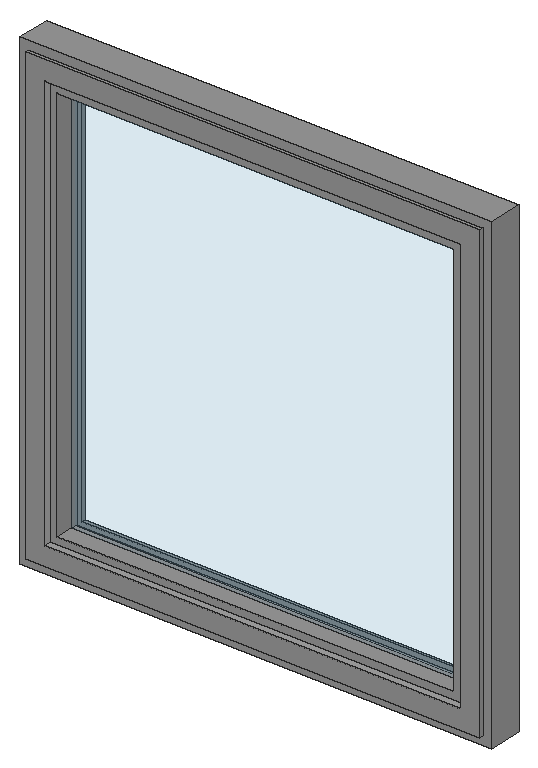
Revit family "Kawneer_Window_GT70s_Pos004", category Windows, host Wall, Revit 2020 (continued)
Definition of nested family "Kawneer_GT70s_Pos004"
  Definition of nested family "Kawneer_GT70s_Jamb"
    Lines and regions (mm)
      model lines, in view "Ref. Level", visible <- "Open", detail levels fine
        curve 1076: line (-72.175, -33.504, 0) -> (-74.144, -35.614, 0)
        curve 1077: line (-72.874, -31.98, 0) -> (-75.5, -34.793, 0)
        curve 1078: line (-72.789, -32.183, 0) -> (-74.052, -30.97, 0)
        curve 1079: line (-74.052, -30.97, 0) -> (-79.68, -37, 0)
        curve 1080: line (-80.175, -35.257, 0) -> (-81.828, -37.028, 0)
        curve 1081: line (-82.851, -35.851, 0) -> (-83.015, -36.027, 0)
        curve 1082: line (-79.102, -29.562, 0) -> (-81.061, -31.661, 0)
        curve 1083: line (-82.222, -35.714, 0) -> (-80.995, -37.028, 0)
        curve 1084: line (-81.556, -34.155, 0) -> (-80.571, -35.209, 0)
        curve 1085: line (-80.571, -35.209, 0) -> (-79.014, -36.878, 0)
        curve 1086: line (-81.148, -32.319, 0) -> (-79.527, -34.055, 0)
        curve 1087: line (-78.925, -34.701, 0) -> (-77.601, -36.119, 0)
        curve 1088: line (-80.798, -30.421, 0) -> (-76.513, -35.012, 0)
        curve 1089: line (-80.172, -28.819, 0) -> (-79.132, -29.933, 0)
        curve 1090: line (-78.11, -31.028, 0) -> (-73.39, -36.085, 0)
        curve 1091: line (-69.366, -35.851, 0) -> (-69.202, -36.027, 0)
      detail lines, in view "Ref. Level", detail levels coarse+medium
        curve 1092: line (0, -72, 0) -> (0, 0, 0)
        curve 1093: line (0, 0, 0) -> (-18, 0, 0)
        curve 1094: line (-18, 0, 0) -> (-18, 8, 0)
        curve 1095: line (-18, 8, 0) -> (-58.398, 8, 0)
        curve 1096: line (-58.398, 8, 0) -> (-64, 0, 0)
        curve 1097: line (-64, 0, 0) -> (-79, 0, 0)
        curve 1098: line (-79, 0, 0) -> (-79, -37, 0)
        curve 1099: line (-79, -37, 0) -> (-69, -37, 0)
        curve 1100: line (-69, -37, 0) -> (-69, -65, 0)
        curve 1101: line (-69, -65, 0) -> (-79, -65, 0)
        curve 1102: line (-79, -65, 0) -> (-79, -72, 0)
        curve 1103: line (-79, -72, 0) -> (0, -72, 0)
